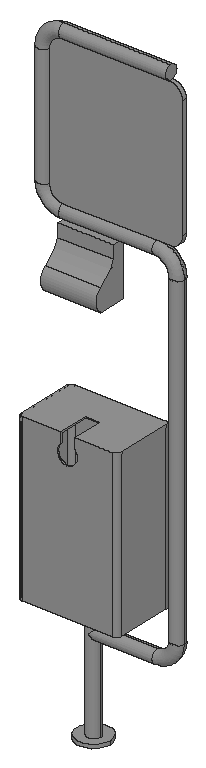
Revit family "Урна для экскрементов «Вариант-4» Арт 10667", category Антураж, Revit 2018
Family settings
  На основе рабочей плоскости = Нет
  Всегда вертикально = Да
  При загрузке вырезать с полостями = Нет
  Источник визуального образа = Геометрия семейства
  Общий = Нет
  Точка расчета площади = Нет
Parameters (values of type "Урна для экскрементов «Вариант-4»")
  Ширина = 195 mm  # constant formula
  Цвет урны = Сталь серая
  Цвет каркаса = Сталь
  Описание = "Урна для экскрементов «Вариант-4»"  # constant formula
  Материал изделия = "Сталь"  # constant formula
  Изображение типоразмера = Урна для экскрементов «Вариант-4» Арт 10667.jpg
  Изготовитель = "ООО «Хоббика»"  # constant formula
  Длина = 438 mm  # constant formula
  Группа модели = "Оборудование для выгула и дрессировки собак"  # constant formula
  Высота = 1874 mm  # constant formula
  Артикул товара = "Арт. 10667"  # constant formula
  URL = "https://hobbyka.ru/product/urna_dlya_ekskrementov_variant4_/"
Reference planes
  plane 1 "По центру (Вперед/Назад)": y = 0
  plane 2: z = 0
  plane 3 "По центру (Влево/Вправо)": x = 0
  plane 4: y = 195
  plane 5: x = 438
  plane 6: z = 1874
Forms (mm)
  Sweep 1, solid, material "Сталь" <- "Цвет каркаса"
    path origin (0, 0, 0) x (1, 0, 0) y (0, 0, 1)
      loop
        line (398, 1874) -> (80, 1874)
        arc (80, 1874) -> (23.431, 1850.569) -> (0, 1794) r 80
        line (0, 1794) -> (0, 1435)
        arc (0, 1435) -> (23.431, 1378.431) -> (80, 1355) r 80
        line (80, 1355) -> (358, 1355)
        arc (358, 1355) -> (386.284, 1343.284) -> (398, 1315) r 40
        line (398, 1315) -> (398, 345)
        arc (398, 345) -> (386.284, 316.716) -> (358, 305) r 40
        line (358, 305) -> (167.897, 305)
    profile origin (239, 0, 1874) x (0, 0, -1) y (0, -1, 0)
      loop
        circle (20, -97.5) r 20
  Extrusion 2, solid, material "Сталь" <- "Цвет каркаса"
    sketch origin (0, 0, 0) x (1, 0, 0) y (0, 1, 0)
      loop
        circle (167.897, 97.5) r 20
    from 0 to 360
  Extrusion 3, solid, material "Сталь серая" <- "Цвет урны"
    sketch origin (0, 0, 0) x (1, 0, 0) y (0, 0, 1)
      loop
        arc (80, 1834) -> (51.716, 1822.284) -> (40, 1794) r 40
        line (40, 1794) -> (40, 1435)
        arc (40, 1435) -> (51.716, 1406.716) -> (80, 1395) r 40
        line (80, 1395) -> (398, 1395)
        arc (398, 1395) -> (426.284, 1406.716) -> (438, 1435) r 40
        line (438, 1435) -> (438, 1794)
        arc (438, 1794) -> (426.284, 1822.284) -> (398, 1834) r 40
        line (398, 1834) -> (80, 1834)
    from -102.5 to -92.5
  Extrusion 4, solid, material "Сталь" <- "Цвет каркаса"
    sketch origin (0, 0, 0) x (1, 0, 0) y (0, 1, 0)
      loop
        circle (167.897, 97.5) r 50
    from 0 to 10
  Extrusion 5, solid, material "Сталь серая" <- "Цвет урны"
    sketch origin (0, 0, 0) x (0, 1, 0) y (0, 0, 1)
      loop
        line (102.5, 1355) -> (69.728, 1355) -> (69.728, 1315.744)
        arc (69.728, 1315.744) -> (50.043, 1284.543) -> (22.5, 1260) r 132.155
        arc (22.5, 1260) -> (5.103, 1227.5) -> (22.5, 1195) r 39.056
        line (22.5, 1195) -> (102.5, 1195) -> (102.5, 1355)
    from 85 to 250
  Extrusion 6, solid, material "Сталь серая" <- "Цвет урны"
    sketch origin (0, 0, 0) x (1, 0, 0) y (0, 1, 0)
      loop
        arc (35, 195) -> (24.393, 190.607) -> (20, 180) r 15
        line (20, 180) -> (20, 15)
        arc (20, 15) -> (24.393, 4.393) -> (35, 0) r 15
        line (35, 0) -> (303, 0)
        arc (303, 0) -> (313.607, 4.393) -> (318, 15) r 15
        line (318, 15) -> (318, 180)
        arc (318, 180) -> (313.607, 190.607) -> (303, 195) r 15
        line (303, 195) -> (35, 195)
    from 360 to 850
  Extrusion 7, void
    sketch origin (0, 0, 0) x (1, 0, 0) y (0, 0, 1)
      loop
        line (149, 850) -> (149, 820)
        arc (149, 820) -> (169, 767.545) -> (189, 820) r 30.04
        line (189, 820) -> (189, 850) -> (149, 850)
    from 0 to -92.5
  Extrusion 8, void
    sketch origin (0, 0, 0) x (1, 0, 0) y (0, 1, 0)
      loop
        line (22, 180) -> (22, 15)
        arc (22, 15) -> (25.808, 5.808) -> (35, 2) r 13
        line (35, 2) -> (303, 2)
        arc (303, 2) -> (312.192, 5.808) -> (316, 15) r 13
        line (316, 15) -> (316, 180)
        arc (316, 180) -> (312.192, 189.192) -> (303, 193) r 13
        line (303, 193) -> (35, 193)
        arc (35, 193) -> (25.808, 189.192) -> (22, 180) r 13
    from 362 to 848
Cuts and joins
  Extrusion 8 cuts Sweep 1
  Extrusion 8 cuts Extrusion 2
  joined: Sweep 1, Extrusion 2
  Extrusion 7, Extrusion 8 cuts Extrusion 6
  Extrusion 8 cuts Extrusion 4
Dimensions and locks
  "Длина": plane 3 "По центру (Влево/Вправо)" to plane 5
  "Ширина": plane 4 to plane 1 "По центру (Вперед/Назад)"
  "Высота": plane 6 to plane 2
  aligned and locked: level to plane 2
Automatic sketch dimensions
  plane 3 "По центру (Влево/Вправо)" to Sweep 1 sketch curve = 80 mm  (x2)
  Sweep 1 sketch curve to plane 5 = 40 mm  (x2)
  Sweep 1 sketch curve to Sweep 1 sketch curve = 359 mm
  Sweep 1 sketch curve to Sweep 1 sketch curve = 40 mm  (x2)
  Sweep 1 sketch curve to plane 3 "По центру (Влево/Вправо)" = 0 mm
  Sweep 1 sketch curve to plane 6 = 0 mm
  plane 3 "По центру (Влево/Вправо)" to Sweep 1 sketch curve = 167.897 mm
  level to Sweep 1 sketch curve = 345 mm
  Sweep 1 sketch curve to plane 1 "По центру (Вперед/Назад)" = 97.5 mm
  Sweep 1 sketch curve to profile plane = 20 mm
  plane 3 "По центру (Влево/Вправо)" to Extrusion 2 sketch curve = 167.897 mm
  Extrusion 2 sketch curve to plane 1 "По центру (Вперед/Назад)" = 97.5 mm
  Extrusion 3 sketch curve to Extrusion 3 sketch curve = 40 mm  (x4)
  Extrusion 3 sketch curve to plane 6 = 439 mm
  Extrusion 3 sketch curve to plane 6 = 80 mm
  plane 3 "По центру (Влево/Вправо)" to Extrusion 3 sketch curve = 40 mm
  Extrusion 3 sketch curve to plane 5 = 0 mm
  Extrusion 4 sketch curve to Extrusion 4 sketch curve = 0 mm  (x2)
  plane 3 "По центру (Влево/Вправо)" to Extrusion 4 sketch curve = 167.897 mm
  Extrusion 4 sketch curve to plane 1 "По центру (Вперед/Назад)" = 97.5 mm
  Extrusion 4 sketch curve to Extrusion 4 sketch curve = 50 mm
  plane 1 "По центру (Вперед/Назад)" to Extrusion 5 sketch curve = 50.789 mm
  Extrusion 5 sketch curve to plane 1 "По центру (Вперед/Назад)" = 22.5 mm
  Extrusion 5 sketch curve to Extrusion 5 sketch curve = 21.659 mm
  Extrusion 5 sketch curve to Extrusion 5 sketch curve = 58.341 mm
  Extrusion 5 sketch curve to plane 6 = 679 mm
  Extrusion 5 sketch curve to Extrusion 5 sketch curve = 32.5 mm
  Extrusion 5 sketch curve to Extrusion 5 sketch curve = 88.244 mm
  Extrusion 5 sketch curve to Extrusion 5 sketch curve = 54.228 mm
  Extrusion 5 sketch curve to Extrusion 5 sketch curve = 32.772 mm
  Extrusion 5 sketch curve to Extrusion 5 sketch curve = 39.256 mm
  plane 3 "По центру (Влево/Вправо)" to Extrusion 6 sketch curve = 20 mm
  Extrusion 6 sketch curve to plane 4 = 15 mm  (x2)
  Extrusion 6 sketch curve to plane 1 "По центру (Вперед/Назад)" = 15 mm
  Extrusion 6 sketch curve to plane 4 = 0 mm
  plane 1 "По центру (Вперед/Назад)" to Extrusion 6 sketch curve = 0 mm
  Extrusion 6 sketch curve to Extrusion 6 sketch curve = 15 mm
  Extrusion 6 sketch curve to plane 5 = 135 mm
  plane 3 "По центру (Влево/Вправо)" to Extrusion 7 sketch curve = 169 mm
  level to Extrusion 7 sketch curve = 797.585 mm
  Extrusion 7 sketch curve to Extrusion 7 sketch curve = 52.415 mm
  Extrusion 7 sketch curve to Extrusion 7 sketch curve = 20 mm
  Extrusion 7 sketch curve to Extrusion 7 sketch curve = 22.415 mm
  Extrusion 7 sketch curve to Extrusion 7 sketch curve = 40 mm
  Extrusion 8 sketch curve to plane 1 "По центру (Вперед/Назад)" = 2 mm
  Extrusion 8 sketch curve to plane 4 = 2 mm
  plane 3 "По центру (Влево/Вправо)" to Extrusion 8 sketch curve = 22 mm
  Extrusion 8 sketch curve to Extrusion 8 sketch curve = 13 mm
  Extrusion 8 sketch curve to plane 4 = 15 mm  (x2)
  Extrusion 8 sketch curve to plane 1 "По центру (Вперед/Назад)" = 15 mm
  Extrusion 8 sketch curve to plane 5 = 135 mm
  radius of Sweep 1 sketch curve = 20 mm
  radius of Extrusion 2 sketch curve = 20 mm
